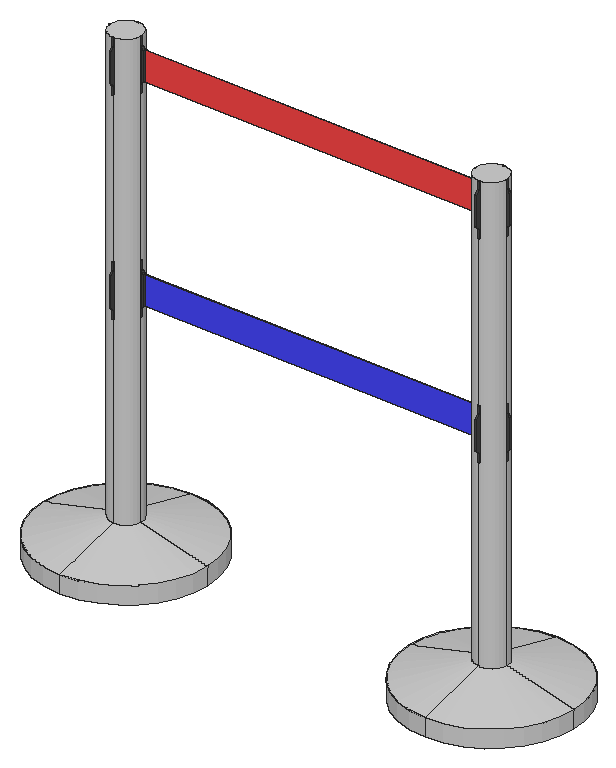
Revit family "DQMG0029_revit", category Generic Models, Revit 2017
Family settings
  Can host rebar = No
  Round Connector Dimension = Use Diameter
  Part Type = Normal
  Work Plane-Based = No
  Always vertical = Yes
  Cut with Voids When Loaded = No
  Shared = No
  Room Calculation Point = No
Parameters
  Website = " https://dolphy.in/"  # constant formula
  Model = ""
  Contact number = "+91 9520202035"  # constant formula
  Contact email = "info@dolphy.in"  # constant formula
  Company name = "Dolphy India"  # constant formula
Reference planes
  plane 1 "Center (Front/Back)": y = 0
  plane 2: z = 0
  plane 3 "Center (Left/Right)": x = 0
Forms (mm)
  Extrusion 1, solid, material "steel"
    sketch origin (-355, 0, 0) x (1, 0, 0) y (0, 1, 0)
      loop
        spline (0, 160) -> (-22.617, 158.442) -> (-44.032, 153.929) -> (-64.099, 146.706) -> (-82.672, 137.018) -> (-99.606, 125.106) -> (-114.755, 111.217) -> (-127.973, 95.593) -> (-139.114, 78.48) -> (-148.033, 60.119) -> (-154.584, 40.757) -> (-158.622, 20.636) -> (-160, 0)
        spline (-160, 0) -> (-158.622, -20.636) -> (-154.584, -40.757) -> (-148.033, -60.119) -> (-139.114, -78.48) -> (-127.973, -95.593) -> (-114.755, -111.217) -> (-99.606, -125.106) -> (-82.672, -137.018) -> (-64.099, -146.706) -> (-44.032, -153.929) -> (-22.617, -158.442) -> (0, -160)
        spline (0, -160) -> (22.617, -158.442) -> (44.032, -153.929) -> (64.099, -146.706) -> (82.672, -137.018) -> (99.606, -125.106) -> (114.755, -111.217) -> (127.973, -95.593) -> (139.114, -78.48) -> (148.033, -60.119) -> (154.584, -40.757) -> (158.622, -20.636) -> (160, 0)
        spline (160, 0) -> (158.622, 20.636) -> (154.584, 40.757) -> (148.033, 60.119) -> (139.114, 78.48) -> (127.973, 95.593) -> (114.755, 111.217) -> (99.606, 125.106) -> (82.672, 137.018) -> (64.099, 146.706) -> (44.032, 153.929) -> (22.617, 158.442) -> (0, 160)
    from 0 to 33.588
  Extrusion 2, solid, material "steel"
    sketch origin (-355, 0, 0) x (1, 0, 0) y (0, 1, 0)
      loop
        spline (0, 30) -> (-3.263, 29.793) -> (-6.655, 29.168) -> (-10.076, 28.118) -> (-13.431, 26.639) -> (-16.64, 24.746) -> (-19.63, 22.454) -> (-22.331, 19.775) -> (-24.698, 16.696) -> (-26.689, 13.199) -> (-28.257, 9.26) -> (-29.328, 4.825) -> (-29.826, -0.167)
        spline (-29.826, -0.167) -> (-29.292, -5.097) -> (-28.196, -9.479) -> (-26.613, -13.374) -> (-24.613, -16.833) -> (-22.244, -19.88) -> (-19.544, -22.532) -> (-16.562, -24.801) -> (-13.364, -26.675) -> (-10.025, -28.137) -> (-6.62, -29.177) -> (-3.246, -29.795) -> (0, -30)
        spline (0, -30) -> (3.246, -29.795) -> (6.62, -29.177) -> (10.025, -28.137) -> (13.364, -26.675) -> (16.562, -24.801) -> (19.544, -22.532) -> (22.244, -19.88) -> (24.613, -16.833) -> (26.613, -13.374) -> (28.196, -9.479) -> (29.292, -5.097) -> (29.826, -0.167)
        spline (29.826, -0.167) -> (29.328, 4.825) -> (28.257, 9.26) -> (26.689, 13.199) -> (24.698, 16.696) -> (22.331, 19.775) -> (19.63, 22.454) -> (16.64, 24.746) -> (13.431, 26.639) -> (10.076, 28.118) -> (6.655, 29.168) -> (3.263, 29.793) -> (0, 30)
    from 57.583 to 910
  Extrusion 3, solid, material "plastic"
    sketch origin (-355, 0, 0) x (1, 0, 0) y (0, 0, 1)
      loop
        line (30.459, 894.367) -> (30.459, 910) -> (29.669, 910) -> (29.669, 810.74) -> (30.459, 810.74) -> (30.459, 826.491) -> (36.897, 832.929) -> (36.897, 887.929) -> (30.459, 894.367)
    from -1.751 to 1.889
  Extrusion 4, solid, material "plastic"
    sketch origin (-355, 0, 0) x (-1, 0, 0) y (0, 0, -1)
      loop
        line (30.459, -894.367) -> (36.897, -887.929) -> (36.897, -832.929) -> (30.459, -826.491) -> (30.459, -810.74) -> (29.669, -810.74) -> (29.669, -910) -> (30.459, -910) -> (30.459, -894.367)
    from -1.751 to 1.889
  Extrusion 5, solid, material "plastic"
    sketch origin (-355, 0.254, 0) x (0, 1, 0) y (0, 0, -1)
      loop
        line (30.459, -894.367) -> (36.897, -887.929) -> (36.897, -832.929) -> (30.459, -826.491) -> (30.459, -810.74) -> (29.669, -810.74) -> (29.669, -910) -> (30.459, -910) -> (30.459, -894.367)
    from -1.751 to 1.889
  Extrusion 6, solid, material "plastic"
    sketch origin (-355, -0.254, 0) x (0, -1, 0) y (0, 0, 1)
      loop
        line (30.459, 894.367) -> (30.459, 910) -> (29.669, 910) -> (29.669, 810.74) -> (30.459, 810.74) -> (30.459, 826.491) -> (36.897, 832.929) -> (36.897, 887.929) -> (30.459, 894.367)
    from -1.751 to 1.889
  Extrusion 7, solid, material "plastic"
    sketch origin (-355, 0, -390) x (1, 0, 0) y (0, 0, 1)
      loop
        line (30.459, 894.367) -> (30.459, 910) -> (29.669, 910) -> (29.669, 810.74) -> (30.459, 810.74) -> (30.459, 826.491) -> (36.897, 832.929) -> (36.897, 887.929) -> (30.459, 894.367)
    from -1.751 to 1.889
  Extrusion 8, solid, material "plastic"
    sketch origin (-355, 0, -390) x (-1, 0, 0) y (0, 0, -1)
      loop
        line (30.459, -894.367) -> (36.897, -887.929) -> (36.897, -832.929) -> (30.459, -826.491) -> (30.459, -810.74) -> (29.669, -810.74) -> (29.669, -910) -> (30.459, -910) -> (30.459, -894.367)
    from -1.751 to 1.889
  Extrusion 9, solid, material "plastic"
    sketch origin (-355, 0.254, -390) x (0, 1, 0) y (0, 0, -1)
      loop
        line (30.459, -894.367) -> (36.897, -887.929) -> (36.897, -832.929) -> (30.459, -826.491) -> (30.459, -810.74) -> (29.669, -810.74) -> (29.669, -910) -> (30.459, -910) -> (30.459, -894.367)
    from -1.751 to 1.889
  Extrusion 10, solid, material "plastic"
    sketch origin (-355, -0.254, -390) x (0, -1, 0) y (0, 0, 1)
      loop
        line (30.459, 894.367) -> (30.459, 910) -> (29.669, 910) -> (29.669, 810.74) -> (30.459, 810.74) -> (30.459, 826.491) -> (36.897, 832.929) -> (36.897, 887.929) -> (30.459, 894.367)
    from -1.751 to 1.889
  Blend 11, solid, material "steel"
    base sketch origin (-355, 0, 0) x (1, 0, 0) y (0, 1, 0)
      loop
        spline (-0.188, 159.282) -> (-22.806, 157.724) -> (-44.221, 153.212) -> (-64.288, 145.989) -> (-82.861, 136.3) -> (-99.795, 124.389) -> (-114.943, 110.5) -> (-128.161, 94.876) -> (-139.302, 77.762) -> (-148.221, 59.402) -> (-154.773, 40.039) -> (-158.81, 19.918) -> (-160.188, -0.718)
        spline (-160.188, -0.718) -> (-158.81, -21.353) -> (-154.773, -41.474) -> (-148.221, -60.837) -> (-139.302, -79.197) -> (-128.161, -96.311) -> (-114.943, -111.935) -> (-99.795, -125.824) -> (-82.861, -137.735) -> (-64.288, -147.424) -> (-44.221, -154.647) -> (-22.806, -159.159) -> (-0.188, -160.718)
        spline (-0.188, -160.718) -> (22.429, -159.159) -> (43.844, -154.647) -> (63.911, -147.424) -> (82.484, -137.735) -> (99.418, -125.824) -> (114.566, -111.935) -> (127.784, -96.311) -> (138.926, -79.197) -> (147.845, -60.837) -> (154.396, -41.474) -> (158.433, -21.353) -> (159.812, -0.718)
        spline (159.812, -0.718) -> (158.433, 19.918) -> (154.396, 40.039) -> (147.845, 59.402) -> (138.926, 77.762) -> (127.784, 94.876) -> (114.566, 110.5) -> (99.418, 124.389) -> (82.484, 136.3) -> (63.911, 145.989) -> (43.844, 153.212) -> (22.429, 157.724) -> (-0.188, 159.282)
    top sketch origin (-355, 0, 0) x (1, 0, 0) y (0, 1, 0)
      loop
        spline (0, 30) -> (-3.263, 29.793) -> (-6.655, 29.168) -> (-10.076, 28.118) -> (-13.431, 26.639) -> (-16.64, 24.746) -> (-19.63, 22.454) -> (-22.331, 19.775) -> (-24.698, 16.696) -> (-26.689, 13.199) -> (-28.257, 9.26) -> (-29.328, 4.825) -> (-29.826, -0.167)
        spline (-29.826, -0.167) -> (-29.292, -5.097) -> (-28.196, -9.479) -> (-26.613, -13.374) -> (-24.613, -16.833) -> (-22.244, -19.88) -> (-19.544, -22.532) -> (-16.562, -24.801) -> (-13.364, -26.675) -> (-10.025, -28.137) -> (-6.62, -29.177) -> (-3.246, -29.795) -> (0, -30)
        spline (0, -30) -> (3.246, -29.795) -> (6.62, -29.177) -> (10.025, -28.137) -> (13.364, -26.675) -> (16.562, -24.801) -> (19.544, -22.532) -> (22.244, -19.88) -> (24.613, -16.833) -> (26.613, -13.374) -> (28.196, -9.479) -> (29.292, -5.097) -> (29.826, -0.167)
        spline (29.826, -0.167) -> (29.328, 4.825) -> (28.257, 9.26) -> (26.689, 13.199) -> (24.698, 16.696) -> (22.331, 19.775) -> (19.63, 22.454) -> (16.64, 24.746) -> (13.431, 26.639) -> (10.076, 28.118) -> (6.655, 29.168) -> (3.263, 29.793) -> (0, 30)
    from 33.588 to 66.039
  Extrusion 12, solid, material "steel"
    sketch origin (355, 0, 0) x (-1, 0, 0) y (0, -1, 0)
      loop
        spline (0, -160) -> (22.617, -158.442) -> (44.032, -153.929) -> (64.099, -146.706) -> (82.672, -137.018) -> (99.606, -125.106) -> (114.755, -111.217) -> (127.973, -95.593) -> (139.114, -78.48) -> (148.033, -60.119) -> (154.584, -40.757) -> (158.622, -20.636) -> (160, 0)
        spline (160, 0) -> (158.622, 20.636) -> (154.584, 40.757) -> (148.033, 60.119) -> (139.114, 78.48) -> (127.973, 95.593) -> (114.755, 111.217) -> (99.606, 125.106) -> (82.672, 137.018) -> (64.099, 146.706) -> (44.032, 153.929) -> (22.617, 158.442) -> (0, 160)
        spline (0, 160) -> (-22.617, 158.442) -> (-44.032, 153.929) -> (-64.099, 146.706) -> (-82.672, 137.018) -> (-99.606, 125.106) -> (-114.755, 111.217) -> (-127.973, 95.593) -> (-139.114, 78.48) -> (-148.033, 60.119) -> (-154.584, 40.757) -> (-158.622, 20.636) -> (-160, 0)
        spline (-160, 0) -> (-158.622, -20.636) -> (-154.584, -40.757) -> (-148.033, -60.119) -> (-139.114, -78.48) -> (-127.973, -95.593) -> (-114.755, -111.217) -> (-99.606, -125.106) -> (-82.672, -137.018) -> (-64.099, -146.706) -> (-44.032, -153.929) -> (-22.617, -158.442) -> (0, -160)
    from 0 to 33.588
  Extrusion 13, solid, material "steel"
    sketch origin (355, 0, 0) x (-1, 0, 0) y (0, -1, 0)
      loop
        spline (0, -30) -> (3.263, -29.793) -> (6.655, -29.168) -> (10.076, -28.118) -> (13.431, -26.639) -> (16.64, -24.746) -> (19.63, -22.454) -> (22.331, -19.775) -> (24.698, -16.696) -> (26.689, -13.199) -> (28.257, -9.26) -> (29.328, -4.825) -> (29.826, 0.167)
        spline (29.826, 0.167) -> (29.292, 5.097) -> (28.196, 9.479) -> (26.613, 13.374) -> (24.613, 16.833) -> (22.244, 19.88) -> (19.544, 22.532) -> (16.562, 24.801) -> (13.364, 26.675) -> (10.025, 28.137) -> (6.62, 29.177) -> (3.246, 29.795) -> (0, 30)
        spline (0, 30) -> (-3.246, 29.795) -> (-6.62, 29.177) -> (-10.025, 28.137) -> (-13.364, 26.675) -> (-16.562, 24.801) -> (-19.544, 22.532) -> (-22.244, 19.88) -> (-24.613, 16.833) -> (-26.613, 13.374) -> (-28.196, 9.479) -> (-29.292, 5.097) -> (-29.826, 0.167)
        spline (-29.826, 0.167) -> (-29.328, -4.825) -> (-28.257, -9.26) -> (-26.689, -13.199) -> (-24.698, -16.696) -> (-22.331, -19.775) -> (-19.63, -22.454) -> (-16.64, -24.746) -> (-13.431, -26.639) -> (-10.076, -28.118) -> (-6.655, -29.168) -> (-3.263, -29.793) -> (0, -30)
    from 57.583 to 910
  Extrusion 14, solid, material "plastic"
    sketch origin (355, 0, 0) x (-1, 0, 0) y (0, 0, -1)
      loop
        line (30.459, -894.367) -> (36.897, -887.929) -> (36.897, -832.929) -> (30.459, -826.491) -> (30.459, -810.74) -> (29.669, -810.74) -> (29.669, -910) -> (30.459, -910) -> (30.459, -894.367)
    from -1.751 to 1.889
  Extrusion 15, solid, material "plastic"
    sketch origin (355, 0, 0) x (1, 0, 0) y (0, 0, 1)
      loop
        line (30.459, 894.367) -> (30.459, 910) -> (29.669, 910) -> (29.669, 810.74) -> (30.459, 810.74) -> (30.459, 826.491) -> (36.897, 832.929) -> (36.897, 887.929) -> (30.459, 894.367)
    from -1.751 to 1.889
  Extrusion 16, solid, material "plastic"
    sketch origin (355, 0.254, 0) x (0, 1, 0) y (0, 0, 1)
      loop
        line (30.459, 894.367) -> (30.459, 910) -> (29.669, 910) -> (29.669, 810.74) -> (30.459, 810.74) -> (30.459, 826.491) -> (36.897, 832.929) -> (36.897, 887.929) -> (30.459, 894.367)
    from -1.751 to 1.889
  Extrusion 17, solid, material "plastic"
    sketch origin (355, -0.254, 0) x (0, -1, 0) y (0, 0, -1)
      loop
        line (30.459, -894.367) -> (36.897, -887.929) -> (36.897, -832.929) -> (30.459, -826.491) -> (30.459, -810.74) -> (29.669, -810.74) -> (29.669, -910) -> (30.459, -910) -> (30.459, -894.367)
    from -1.751 to 1.889
  Extrusion 18, solid, material "plastic"
    sketch origin (355, 0, -390) x (-1, 0, 0) y (0, 0, -1)
      loop
        line (30.459, -894.367) -> (36.897, -887.929) -> (36.897, -832.929) -> (30.459, -826.491) -> (30.459, -810.74) -> (29.669, -810.74) -> (29.669, -910) -> (30.459, -910) -> (30.459, -894.367)
    from -1.751 to 1.889
  Extrusion 19, solid, material "plastic"
    sketch origin (355, 0, -390) x (1, 0, 0) y (0, 0, 1)
      loop
        line (30.459, 894.367) -> (30.459, 910) -> (29.669, 910) -> (29.669, 810.74) -> (30.459, 810.74) -> (30.459, 826.491) -> (36.897, 832.929) -> (36.897, 887.929) -> (30.459, 894.367)
    from -1.751 to 1.889
  Extrusion 20, solid, material "plastic"
    sketch origin (355, 0.254, -390) x (0, 1, 0) y (0, 0, 1)
      loop
        line (30.459, 894.367) -> (30.459, 910) -> (29.669, 910) -> (29.669, 810.74) -> (30.459, 810.74) -> (30.459, 826.491) -> (36.897, 832.929) -> (36.897, 887.929) -> (30.459, 894.367)
    from -1.751 to 1.889
  Extrusion 21, solid, material "plastic"
    sketch origin (355, -0.254, -390) x (0, -1, 0) y (0, 0, -1)
      loop
        line (30.459, -894.367) -> (36.897, -887.929) -> (36.897, -832.929) -> (30.459, -826.491) -> (30.459, -810.74) -> (29.669, -810.74) -> (29.669, -910) -> (30.459, -910) -> (30.459, -894.367)
    from -1.751 to 1.889
  Blend 22, solid, material "steel"
    base sketch origin (355, 0, 0) x (-1, 0, 0) y (0, -1, 0)
      loop
        spline (-0.188, -159.282) -> (22.429, -157.724) -> (43.844, -153.212) -> (63.911, -145.989) -> (82.484, -136.3) -> (99.418, -124.389) -> (114.566, -110.5) -> (127.784, -94.876) -> (138.926, -77.762) -> (147.845, -59.402) -> (154.396, -40.039) -> (158.433, -19.918) -> (159.812, 0.718)
        spline (159.812, 0.718) -> (158.433, 21.353) -> (154.396, 41.474) -> (147.845, 60.837) -> (138.926, 79.197) -> (127.784, 96.311) -> (114.566, 111.935) -> (99.418, 125.824) -> (82.484, 137.735) -> (63.911, 147.424) -> (43.844, 154.647) -> (22.429, 159.159) -> (-0.188, 160.718)
        spline (-0.188, 160.718) -> (-22.806, 159.159) -> (-44.221, 154.647) -> (-64.288, 147.424) -> (-82.861, 137.735) -> (-99.795, 125.824) -> (-114.943, 111.935) -> (-128.161, 96.311) -> (-139.302, 79.197) -> (-148.221, 60.837) -> (-154.773, 41.474) -> (-158.81, 21.353) -> (-160.188, 0.718)
        spline (-160.188, 0.718) -> (-158.81, -19.918) -> (-154.773, -40.039) -> (-148.221, -59.402) -> (-139.302, -77.762) -> (-128.161, -94.876) -> (-114.943, -110.5) -> (-99.795, -124.389) -> (-82.861, -136.3) -> (-64.288, -145.989) -> (-44.221, -153.212) -> (-22.806, -157.724) -> (-0.188, -159.282)
    top sketch origin (355, 0, 0) x (-1, 0, 0) y (0, -1, 0)
      loop
        spline (0, -30) -> (3.263, -29.793) -> (6.655, -29.168) -> (10.076, -28.118) -> (13.431, -26.639) -> (16.64, -24.746) -> (19.63, -22.454) -> (22.331, -19.775) -> (24.698, -16.696) -> (26.689, -13.199) -> (28.257, -9.26) -> (29.328, -4.825) -> (29.826, 0.167)
        spline (29.826, 0.167) -> (29.292, 5.097) -> (28.196, 9.479) -> (26.613, 13.374) -> (24.613, 16.833) -> (22.244, 19.88) -> (19.544, 22.532) -> (16.562, 24.801) -> (13.364, 26.675) -> (10.025, 28.137) -> (6.62, 29.177) -> (3.246, 29.795) -> (0, 30)
        spline (0, 30) -> (-3.246, 29.795) -> (-6.62, 29.177) -> (-10.025, 28.137) -> (-13.364, 26.675) -> (-16.562, 24.801) -> (-19.544, 22.532) -> (-22.244, 19.88) -> (-24.613, 16.833) -> (-26.613, 13.374) -> (-28.196, 9.479) -> (-29.292, 5.097) -> (-29.826, 0.167)
        spline (-29.826, 0.167) -> (-29.328, -4.825) -> (-28.257, -9.26) -> (-26.689, -13.199) -> (-24.698, -16.696) -> (-22.331, -19.775) -> (-19.63, -22.454) -> (-16.64, -24.746) -> (-13.431, -26.639) -> (-10.076, -28.118) -> (-6.655, -29.168) -> (-3.263, -29.793) -> (0, -30)
    from 33.588 to 66.039
  Extrusion 23, solid, material "clothred"
    sketch origin (0, 0, 0) x (1, 0, 0) y (0, 1, 0)
      loop
        line (-318.336, 0.591) -> (-318.336, -0.618) -> (320.141, -0.618) -> (320.141, 0.591) -> (-318.336, 0.591)
    from 832.929 to 887.929
  Extrusion 24, solid, material "cloth blue"
    sketch origin (1000, 0, 0) x (1, 0, 0) y (0, 1, 0)
      loop
        line (-1318.103, 0.591) -> (-1318.103, -0.618) -> (-681.897, -0.618) -> (-681.897, 0.591) -> (-1318.103, 0.591)
    from 442.929 to 497.929
Dimensions and locks
  Extrusion 13 to level = 910 mm
  aligned and locked: level to plane 2
